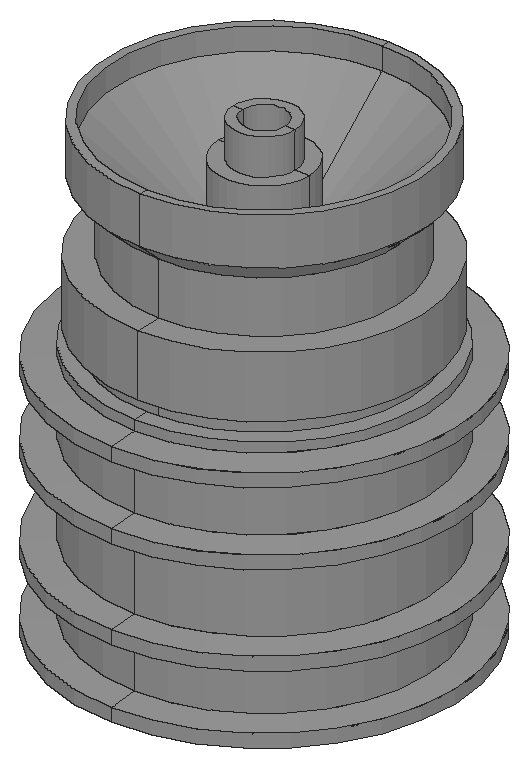
Revit family "MI-GARD", category Plumbing Fixtures, Revit 2015
Parameters (values of type "MI-GARD-15")
  V3 = no
  V2 = no
  V1 = yes
  URL = "www.mifab.com"
  Sealing Flapper = Rubber, Silicone
  Model = "MI-GARD-15"
  Manufacturer = "MIFAB"
  Gasket Flexes = Rubber, Silicone
  EE = B / 2  # 173/256"
  Description = "1 1/2\" Floor Drain Trap Seal"
  D = B / 2.12  # 0.63753"
  C = 1 85/128"
  B = 1 45/128"
  ABS Frame = PC/ABS Plastic
  A = 2"
Types (7): name | V3 | V2 | Model | EE | Description | D | C | B
  (no name) | no | no | "MI-GARD-15" | 173/256" | "1 1/2\" Floor Drain Trap Seal" | 0.63753" | 1 85/128" | 1 45/128"
  MI-GARD-15 | no | no | "MI-GARD-15" | 173/256" | "1 1/2\" Floor Drain Trap Seal" | 0.63753" | 1 85/128" | 1 45/128"
  MI-GARD-2 | no | no | "MI-GARD-2" | 0.84961" | "2\" Floor Drain Trap Seal" | 0.80152" | 2 51/256" | 1 179/256"
  MI-GARD-3 | no | no | "MI-GARD-3" | 1 5/16" | "3\" Floor Drain Trap Seal" | 1.23821" | 3 51/256" | 2 5/8"
  MI-GARD-35 | yes | no | "MI-GARD-35" | 1 41/64" | "3 1/2\" Floor Drain Trap Seal" | 1.54776" | 3 205/256" | 3 9/32"
  MI-GARD-4 | yes | no | "MI-GARD-4" | 1 215/256" | "4\" Floor Drain Trap Seal" | 1.7357" | 4 51/256" | 3 87/128"
  MI-GARD-6 | no | yes | "MI-GARD-6" | 2 215/256" | "6\" Floor Drain Trap Seal" | 2.6791" | 6 51/256" | 5 87/128"
Reference planes (in)
  plane 1 "Center (Front/Back)": y = 0
  plane 2: z = 0
  plane 3 "Center (Left/Right)": x = 0
  plane 4: y = -0.67578
  plane 5: y = 0.67578
  plane 6: y = 0.83203
  plane 7: y = -0.83203
  plane 8: z = -1.21094
  plane 9: z = -2
Forms (in)
  Revolve 1, solid, material "Rubber, Silicone" <- "Gasket Flexes"
    sketch origin (0, 0, 0) x (0, 1, 0) y (0, 0, 1)
      loop
        line (-0.50178, -0.26675) -> (-0.64078, -0.12775) -> (-0.64078, 0) -> (-0.67578, 0) -> (-0.67578, -0.207) -> (-0.57578, -0.29934) -> (-0.57578, -0.52823) -> (-0.68762, -0.52823) -> (-0.68762, -0.79934) -> (-0.57578, -0.79934) -> (-0.57578, -1.05934) -> (-0.67578, -1.05934) -> (-0.67578, -1.15934) -> (-0.57578, -1.15934) -> (-0.57578, -1.43922) -> (-0.67578, -1.43922) -> (-0.67578, -1.53922) -> (-0.57578, -1.53922) -> (-0.57578, -1.69922) -> (-0.67578, -1.86) -> (-0.67578, -2) -> (-0.62578, -2)
        arc (-0.62578, -2) -> (-0.53361, -1.82521) -> (-0.50178, -1.63019) r 0.61346
        line (-0.50178, -1.63019) -> (-0.50178, -0.26675)
      axis (0, 0) -> (0, -2)
    angle from 0 to 360
  Revolve 2, solid, material "Rubber, Silicone" <- "Gasket Flexes"
    sketch origin (0, 0, 0) x (0, 1, 0) y (0, 0, 1)
      loop
        line (0.70703, -0.98418) -> (0.83203, -0.97544) -> (0.83203, -0.91792) -> (0.70703, -0.90918) -> (0.70703, -0.86751) -> (0.63753, -0.86751) -> (0.63753, -2) -> (0.70703, -2) -> (0.83203, -1.99126) -> (0.83203, -1.93374) -> (0.70703, -1.925) -> (0.70703, -1.69902) -> (0.83203, -1.69028) -> (0.83203, -1.63276) -> (0.70703, -1.62402) -> (0.70703, -1.30417) -> (0.83203, -1.29543) -> (0.83203, -1.23791) -> (0.70703, -1.22917) -> (0.70703, -0.98418)
      axis (0, -0.86751) -> (0, -2)
    angle from 0 to 360
  Revolve 3, solid, material "PC/ABS Plastic" <- "ABS Frame"
    sketch origin (0, 0, 0) x (1, 0, 0) y (0, 0, 1)
      loop
        line (-0.13433, 0) -> (-0.13433, -0.15653) -> (-0.19683, -0.15653) -> (-0.19683, -0.44255) -> (-0.13433, -0.44255) -> (-0.13433, -0.62255) -> (-0.19683, -0.62255) -> (-0.19683, -0.9294) -> (-0.13433, -0.9294) -> (-0.13433, -1.43992) -> (-0.09266, -1.43992) -> (-0.09266, 0) -> (-0.13433, 0)
      axis (0, 0) -> (0, -1.43992)
    angle from 0 to 360
  Revolve 4, solid, material "PC/ABS Plastic" <- "ABS Frame", visible <- "V1"
    sketch origin (0, 0, -0.04141) x (1, 0, 0) y (0, 0, 1)
      loop
        line (-0.07337, -1.3985) -> (-0.10853, -1.3985) -> (-0.10853, -1.79897)
        arc (-0.10853, -1.79897) -> (-0.07674, -1.87571) -> (0, -1.9075) r 0.10853
        line (0, -1.9075) -> (0, -1.87234)
        arc (0, -1.87234) -> (-0.05188, -1.85085) -> (-0.07337, -1.79897) r 0.07337
        line (-0.07337, -1.79897) -> (-0.07337, -1.3985)
      axis (0, -1.3985) -> (0, -1.9075)
    angle from 0 to 360
  Extrusion 5, solid, material "PC/ABS Plastic" <- "ABS Frame", visible <- "V1"
    sketch origin (0, 0, 0) x (1, 0, 0) y (0, 0, 1)
      loop
        line (0, -1.62402) -> (-0.05315, -1.62402) -> (-0.08565, -1.64307) -> (-0.08565, -1.88101) -> (-0.05315, -1.90005) -> (0, -1.90005) -> (0.05315, -1.90005) -> (0.08565, -1.88101) -> (0.08565, -1.64307) -> (0.05315, -1.62402) -> (0, -1.62402)
    from 0.02681 to 0.67578 <- "EE"
  Revolve 6, solid, material "Rubber, Silicone" <- "Sealing Flapper"
    sketch origin (0, 0, 0) x (0, 1, 0) y (0, 0, 1)
      loop
        line (-0.64078, -0.09693) -> (-0.64078, -0.12775) -> (-0.24085, -0.62255) -> (-0.13433, -0.62255) -> (-0.13433, -0.44255) -> (-0.24319, -0.44255) -> (-0.64078, -0.09693)
      axis (0, -0.09693) -> (0, -0.62255)
    angle from 0 to 360
  Extrusion 7, solid, material "PC/ABS Plastic" <- "ABS Frame", visible <- "V2"
    sketch origin (0, 0, 0) x (-0.5, 0.866025, 0) y (0, 0, 1)
      loop
        line (0, -1.62402) -> (-0.05315, -1.62402) -> (-0.08565, -1.64307) -> (-0.08565, -1.88101) -> (-0.05315, -1.90005) -> (0, -1.90005) -> (0.05315, -1.90005) -> (0.08565, -1.88101) -> (0.08565, -1.64307) -> (0.05315, -1.62402) -> (0, -1.62402)
    from 0.02681 to 0.67578 <- "EE"
  Extrusion 8, solid, material "PC/ABS Plastic" <- "ABS Frame", visible <- "V2"
    sketch origin (0, 0, 0) x (-0.5, -0.866025, 0) y (0, 0, 1)
      loop
        line (0, -1.62402) -> (-0.05315, -1.62402) -> (-0.08565, -1.64307) -> (-0.08565, -1.88101) -> (-0.05315, -1.90005) -> (0, -1.90005) -> (0.05315, -1.90005) -> (0.08565, -1.88101) -> (0.08565, -1.64307) -> (0.05315, -1.62402) -> (0, -1.62402)
    from 0.02681 to 0.67578 <- "EE"
  Extrusion 9, solid, material "PC/ABS Plastic" <- "ABS Frame", visible <- "V3"
    sketch origin (0, 0, 0) x (1, 0, 0) y (0, 0, -1)
      loop
        line (0, 1.62402) -> (0.05315, 1.62402) -> (0.08565, 1.64307) -> (0.08565, 1.88101) -> (0.05315, 1.90005) -> (0, 1.90005) -> (-0.05315, 1.90005) -> (-0.08565, 1.88101) -> (-0.08565, 1.64307) -> (-0.05315, 1.62402) -> (0, 1.62402)
    from 0.02681 to 0.67578 <- "EE"
Cuts and joins
  joined: Revolve 4, Extrusion 5
Dimensions and locks (in)
  "B": plane 4 to plane 5
  equal spacing: plane 4, plane 1 "Center (Front/Back)", plane 5
  equal spacing: plane 7, plane 1 "Center (Front/Back)", plane 6
  "C": plane 7 to plane 6
  "A": level to plane 9
  level to plane 8 = 1 27/128"
  level to Revolve 1 sketch curve = 0.29934"
  plane 7 to Revolve 1 sketch curve = 0.14441"
  Revolve 1 sketch curve to Revolve 1 sketch curve = 0.27111"
  Revolve 1 sketch curve to Revolve 1 sketch curve = 0.14"
  Revolve 1 sketch curve to Revolve 1 sketch curve = 77/256"
  Revolve 1 sketch curve to Revolve 1 sketch curve = 0.1"  (x2)
  Revolve 1 sketch curve to Revolve 1 sketch curve = 0.27988"
  "D": plane 1 "Center (Front/Back)" to Revolve 2 sketch curve
  aligned and locked: level to plane 2
  aligned and locked: Revolve 1 sketch curve to Revolve 1 sketch curve  (x4)
  aligned and locked: Revolve 1 sketch curve to level
  aligned and locked: plane 1 "Center (Front/Back)" to Revolve 1 sketch curve
  aligned and locked: plane 1 "Center (Front/Back)" to Revolve 2 sketch curve
  aligned and locked: Revolve 1 sketch curve to plane 4  (x4)
  aligned and locked: Revolve 3 sketch curve to plane 3 "Center (Left/Right)"
  aligned and locked: Revolve 4 sketch curve to plane 3 "Center (Left/Right)"  (x2)
  aligned and locked: Revolve 4 sketch curve to Revolve 3
  aligned and locked: Revolve 6 sketch curve to Revolve 3  (x2)
  aligned and locked: plane 1 "Center (Front/Back)" to Revolve 6 sketch curve
Automatic sketch dimensions
  Revolve 1 sketch curve to plane 9 = 0"
  Revolve 1 sketch curve to plane 7 = 0.28321"
  plane 4 to Revolve 1 sketch curve = 0.035"
  plane 4 to Revolve 1 sketch curve = 0.05"
  plane 4 to Revolve 1 sketch curve = 0.1"  (x3)
  Revolve 1 sketch curve to Revolve 1 sketch curve = 0.074"
  Revolve 1 sketch curve to Revolve 1 sketch curve = 0.16"
  Revolve 1 sketch curve to Revolve 1 sketch curve = 0.26"
  Revolve 1 sketch curve to Revolve 1 sketch curve = 0.03259"
  Revolve 1 sketch curve to Revolve 1 sketch curve = 0.09234"
  Revolve 1 sketch curve to Revolve 1 sketch curve = 0.07925"
  Revolve 1 sketch curve to level = 0.54934"
  Revolve 1 sketch curve to level = 61/256"
  Revolve 3 sketch curve to level = 0"
  Revolve 3 sketch curve to plane 3 "Center (Left/Right)" = 0.09266"
  Revolve 3 sketch curve to plane 3 "Center (Left/Right)" = 0.13433"  (x2)
  Revolve 3 sketch curve to Revolve 3 sketch curve = 0.04167"
  Revolve 3 sketch curve to Revolve 3 sketch curve = 1/16"  (x2)
  Revolve 3 sketch curve to level = 0.15653"
  Revolve 3 sketch curve to Revolve 3 sketch curve = 0.28602"
  Revolve 3 sketch curve to Revolve 3 sketch curve = 0.18"
  plane 8 to Revolve 3 sketch curve = 0.28153"
  Revolve 3 sketch curve to plane 8 = 0.22898"
  Revolve 3 sketch curve to Revolve 3 sketch curve = 0.02889"
  level to Revolve 3 sketch curve = 0.1502"
  Revolve 4 sketch curve to Revolve 4 sketch curve = 0"
  Revolve 4 sketch curve to plane 3 "Center (Left/Right)" = 0.07337"
  Revolve 4 sketch curve to Revolve 4 sketch curve = 9/256"
  plane 9 to Revolve 4 sketch curve = 0.15962"
  Revolve 4 sketch curve to Revolve 4 sketch curve = 0.13146"
  Revolve 4 sketch curve to Revolve 4 sketch curve = 0.03964"
  Extrusion 5 sketch curve to plane 3 "Center (Left/Right)" = 0"  (x2)
  Extrusion 5 sketch curve to plane 3 "Center (Left/Right)" = 0.05315"
  Extrusion 5 sketch curve to Extrusion 5 sketch curve = 0.05315"  (x2)
  Extrusion 5 sketch curve to Extrusion 5 sketch curve = 0.0325"  (x2)
  plane 3 "Center (Left/Right)" to Extrusion 5 sketch curve = 0.05315"
  plane 9 to Extrusion 5 sketch curve = 0.09995"
  Extrusion 5 sketch curve to Extrusion 5 sketch curve = 0.01904"  (x3)
  Extrusion 5 sketch curve to Extrusion 5 sketch curve = 0.23794"
  Extrusion 5 sketch curve to Extrusion 5 sketch curve = 0"
  plane 1 "Center (Front/Back)" to Revolve 6 sketch curve = 0.13433"
  Revolve 6 sketch curve to Revolve 6 sketch curve = 0.10652"
  Revolve 6 sketch curve to Revolve 6 sketch curve = 0.10886"
  plane 4 to Revolve 6 sketch curve = 0.035"
  Revolve 6 sketch curve to level = 0.12775"
  Revolve 6 sketch curve to Revolve 6 sketch curve = 0.03082"
  Revolve 6 sketch curve to Revolve 6 sketch curve = 0.08034"
  Revolve 6 sketch curve to Revolve 6 sketch curve = 0.13665"
  plane 9 to Extrusion 7 sketch curve = 0.35693"  (x2)
  plane 9 to Extrusion 7 sketch curve = 0.09995"
  Extrusion 7 sketch curve to Extrusion 7 sketch curve = 0.0325"  (x3)
  Extrusion 7 sketch curve to Extrusion 7 sketch curve = 0.05315"  (x4)
  Extrusion 7 sketch curve to Extrusion 7 sketch curve = 0.01904"  (x3)
  plane 9 to Extrusion 8 sketch curve = 0.35693"  (x2)
  plane 9 to Extrusion 8 sketch curve = 0.09995"
  Extrusion 8 sketch curve to Extrusion 8 sketch curve = 0.0325"  (x3)
  Extrusion 8 sketch curve to Extrusion 8 sketch curve = 0.05315"  (x4)
  Extrusion 8 sketch curve to Extrusion 8 sketch curve = 0.01904"  (x3)
  Extrusion 9 sketch curve to plane 3 "Center (Left/Right)" = 0"  (x2)
  Extrusion 9 sketch curve to plane 3 "Center (Left/Right)" = 0.05315"
  Extrusion 9 sketch curve to Extrusion 9 sketch curve = 0.05315"  (x2)
  Extrusion 9 sketch curve to Extrusion 9 sketch curve = 0.0325"  (x2)
  plane 3 "Center (Left/Right)" to Extrusion 9 sketch curve = 0.05315"
  plane 9 to Extrusion 9 sketch curve = 0.37598"
  Extrusion 9 sketch curve to Extrusion 9 sketch curve = 0.01904"  (x3)
  plane 9 to Extrusion 9 sketch curve = 0.11899"  (x2)
  Revolve 2 sketch curve to plane 9 = 0"
  Revolve 2 sketch curve to plane 6 = 0"  (x4)
  plane 5 to Revolve 2 sketch curve = 1/32"  (x5)
  plane 9 to Revolve 2 sketch curve = 0.00874"
  Revolve 2 sketch curve to Revolve 2 sketch curve = 0.05752"  (x3)
  Revolve 2 sketch curve to Revolve 2 sketch curve = 0.075"  (x3)
  Revolve 2 sketch curve to Revolve 2 sketch curve = 0.22598"
  Revolve 2 sketch curve to Revolve 2 sketch curve = 0.00874"  (x2)
  Revolve 2 sketch curve to plane 8 = 0.09323"
  Revolve 2 sketch curve to plane 8 = 0.08449"
  Revolve 2 sketch curve to plane 8 = 0.02697"
  Revolve 2 sketch curve to plane 8 = 0.01823"
  plane 8 to Revolve 2 sketch curve = 0.22676"
  Revolve 2 sketch curve to Revolve 2 sketch curve = 0.04167"
  plane 9 to Revolve 2 sketch curve = 0.35002"
  plane 8 to Revolve 2 sketch curve = 0.31096"
